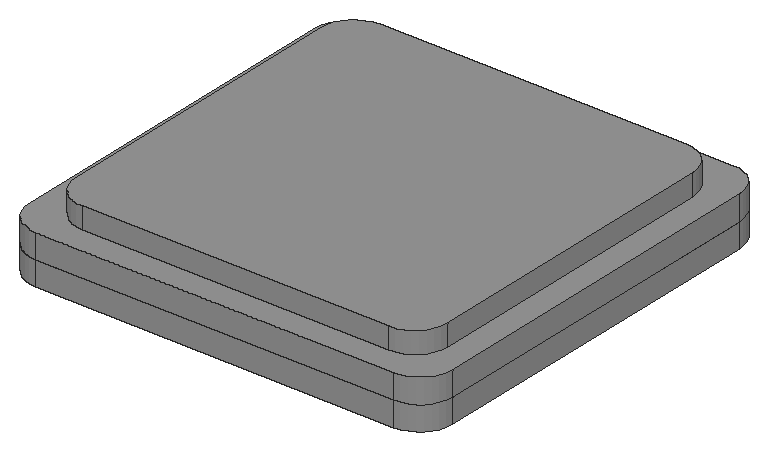
Revit family "FMS2_63_UN_Surface-mounted_ETK", category Lighting Fixtures, Revit 2019 (continued)
Definition of nested family "FMS.2 - Lightsource"
  Types (14, lengths in mm): name | Wattage Comments | Wattage | built-in parameter 1150134 | Photometric Web File | built-in parameter 1150142 | built-in parameter 1150105 | Lumens | built-in parameter 1150107 | built-in parameter 1150106 | Apparent Load
      0.4674\t775.0296\t769.878\t764.4402\t759.0024\t753.5646\t748.1268\t742.689\t737.2512\r\n732.0996\t725.8032\t719.2206\t712.638\t706.0554\t699.759\t693.1764\t686.5938\t680.0112\t673.7148\r\n667.1322\t660.5496\t654.2532\t647.6706\t641.088\t634.7916\t628.209\t621.6264\t615.33\t608.7474\r\n602.1648\t595.296\t587.8548\t580.4136\t573.2586\t565.8174\t558.6624\t551.2212\t544.0662\t536.625\r\n529.47\t522.0288\t514.8738\t507.4326\t500.2776\t492.8364\t485.6814\t478.2402\t471.0852\t463.644\r\n456.489\t448.7616\t441.0342\t433.3068\t425.5794\t417.852\t410.1246\t402.111\t394.3836\t386.6562\r\n378.9288\t371.2014\t363.474\t355.7466\t348.0192\t340.2918\t332.5644\t324.837\t317.1096\t309.3822\r\n301.6548\t294.2136\t286.7724\t279.1595\t271.7183\t264.2485\t256.7786\t249.3374\t241.8676\t234.4264\r\n226.9566\t219.4868\t212.0456\t204.5758\t197.1346\t189.6647\t182.2235\t174.7537\t167.3125\t159.8427\r\n152.4015\t137.7481\t122.4936\t107.2678\t92.0133\t76.7875\t61.533\t46.3072\t31.0527\t15.8183\r\n0.577\t0\t0\t0\t0\t0\t0\t0\t0\t0\r\n0\r\n985.6728\t985.1004\t984.2418\t983.3832\t982.5246\t981.9522\t981.0936\t980.5212\t979.6626\t979.0902\r\n978.2316\t977.6592\t976.8006\t975.942\t975.0834\t974.511\t973.6524\t972.7938\t971.9352\t971.0766\r\n970.218\t968.2146\t965.6388\t963.3492\t960.7734\t958.4838\t955.908\t953.6184\t951.0426\t948.4668\r\n946.1772\t943.6014\t941.0256\t938.4498\t936.1602\t933.5844\t931.0086\t928.4328\t925.857\t923.2812\r\n920.7054\t917.5572\t913.2642\t909.2574\t905.2506\t900.9576\t896.9508\t892.944\t888.9372\t884.6442\r\n880.6374\t876.6306\t872.3376\t868.3308\t864.324\t860.031\t856.0242\t852.0174\t848.0106\t843.7176\r\n839.7108\t835.4178\t829.6938\t824.256\t818.532\t813.0942\t807.6564\t802.2186\t796.4946\t791.0568\r\n785.619\t780.1812\t774.7434\t769.3056\t763.8678\t758.43\t752.9922\t747.5544\t742.1166\t736.6788\r\n731.241\t725.517\t718.9344\t712.3518\t705.7692\t699.4728\t692.8902\t686.3076\t679.725\t673.1424\r\n666.5598\t659.9772\t653.6808\t647.0982\t640.5156\t633.933\t627.3504\t621.054\t614.4714\t607.8888\r\n601.3062\t594.7236\t587.2824\t580.1274\t572.6862\t565.5312\t558.09\t550.935\t543.4938\t536.3388\r\n528.8976\t521.7426\t514.3014\t507.1464\t499.7052\t492.5502\t485.109\t477.954\t470.5128\t463.3578\r\n455.9166\t448.4754\t440.748\t433.0206\t425.2932\t417.5658\t409.5522\t401.8248\t394.0974\t386.37\r\n378.6426\t370.9152\t363.1878\t355.4604\t347.733\t340.0056\t331.992\t324.2646\t316.5372\t308.8098\r\n301.0824\t293.6412\t286.0569\t278.6157\t271.1745\t263.7333\t256.3207\t248.8795\t241.4383\t233.9971\r\n226.5845\t219.1433\t211.7021\t204.2896\t196.8484\t189.4358\t181.9946\t174.582\t167.1694\t159.7282\r\n152.3156\t139.408\t124.1822\t108.9563\t93.7019\t78.476\t63.2502\t47.9957\t32.7699\t17.5383\r\n2.3031\t0\t0\t0\t0\t0\t0\t0\t0\t0\r\n0\r\n985.6728\t984.8142\t984.2418\t983.3832\t982.5246\t981.9522\t981.0936\t980.5212\t979.6626\t978.804\r\n977.9454\t977.0868\t976.5144\t975.6558\t974.7972\t973.6524\t973.08\t972.2214\t971.3628\t970.7904\r\n969.9318\t968.787\t966.2112\t963.9216\t961.3458\t958.77\t956.1942\t953.6184\t951.3288\t948.753\r\n946.1772\t943.6014\t941.0256\t938.4498\t935.874\t933.2982\t930.7224\t928.1466\t925.5708\t922.995\r\n920.4192\t917.5572\t913.8366\t909.5436\t905.2506\t900.9576\t896.9508\t892.6578\t888.3648\t884.358\r\n880.065\t876.0582\t871.7652\t867.7584\t863.7516\t859.4586\t855.4518\t851.1588\t846.8658\t842.5728\r\n838.2798\t833.9868\t829.4076\t823.9698\t818.532\t812.808\t807.3702\t801.6462\t796.2084\t790.4844\r\n785.0466\t779.6088\t773.8848\t768.447\t762.723\t757.2852\t751.8474\t746.4096\t740.6856\t735.2478\r\n729.81\t724.3722\t718.9344\t712.3518\t705.7692\t699.1866\t692.604\t686.0214\t679.4388\t672.8562\r\n666.2736\t659.691\t653.1084\t646.812\t640.2294\t633.6468\t627.0642\t620.4816\t613.899\t607.3164\r\n600.7338\t593.865\t587.2824\t579.8412\t572.6862\t565.245\t557.8038\t550.3626\t543.2076\t535.7664\r\n528.3252\t521.1702\t513.729\t506.2878\t499.1328\t491.6916\t484.5366\t477.0954\t469.6542\t462.4992\r\n455.058\t447.903\t440.4618\t432.4482\t424.7208\t416.9934\t408.9798\t401.2524\t393.525\t385.7976\r\n377.784\t370.0566\t362.3292\t354.6018\t346.8744\t339.147\t331.4196\t323.6922\t315.9648\t308.2374\r\n300.51\t292.7826\t285.1983\t277.7571\t270.3445\t262.9319\t255.4907\t248.0782\t240.6656\t233.253\r\n225.8404\t218.4565\t211.0439\t203.6313\t196.2473\t188.8348\t181.4508\t174.0668\t166.6543\t159.2703\r\n151.8863\t141.898\t126.7007\t111.5035\t96.3349\t81.1377\t65.9405\t50.7433\t35.546\t20.346\r\n5.1516\t0\t0\t0\t0\t0\t0\t0\t0\t0\r\n0\r\n985.6728\t984.8142\t984.2418\t983.3832\t982.5246\t981.9522\t981.0936\t980.235\t979.3764\t978.5178\r\n977.9454\t976.8006\t975.942\t975.3696\t974.511\t973.9386\t973.08\t972.5076\t971.649\t970.7904\r\n969.9318\t969.0732\t966.7836\t964.2078\t961.632\t959.0562\t956.4804\t953.9046\t951.3288\t948.753\r\n946.1772\t943.6014\t940.7394\t937.8774\t935.3016\t932.4396\t929.8638\t927.0018\t924.426\t921.8502\r\n919.2744\t916.6986\t913.8366\t910.116\t905.823\t901.53\t897.237\t892.944\t888.651\t884.6442\r\n880.3512\t876.0582\t871.7652\t867.4722\t863.1792\t858.8862\t854.5932\t850.3002\t846.0072\t841.7142\r\n837.4212\t833.4144\t828.8352\t824.5422\t818.8182\t813.0942\t807.3702\t801.6462\t796.2084\t790.4844\r\n785.0466\t779.6088\t774.171\t768.447\t763.0092\t757.2852\t751.5612\t746.1234\t740.3994\t734.6754\r\n728.9514\t723.2274\t717.7896\t712.0656\t705.7692\t699.1866\t692.3178\t685.7352\t678.8664\t672.2838\r\n665.7012\t658.8324\t652.2498\t645.6672\t638.7984\t632.2158\t625.6332\t619.0506\t612.1818\t605.5992\r\n599.0166\t592.434\t585.8514\t578.9826\t572.1138\t564.6726\t557.2314\t549.7902\t542.349\t534.9078\r\n527.7528\t520.3116\t512.8704\t505.7154\t498.2742\t490.833\t483.678\t476.2368\t468.7956\t461.3544\r\n454.1994\t446.7582\t439.317\t431.8758\t424.1484\t416.421\t408.4074\t400.68\t392.9526\t384.939\r\n377.2116\t369.4842\t361.7568\t353.7432\t346.0158\t338.2884\t330.561\t322.5474\t314.82\t307.0926\r\n299.3652\t291.6378\t283.8818\t276.4406\t269.0566\t261.6727\t254.3173\t246.9334\t239.578\t232.2227\r\n224.8673\t217.512\t210.1567\t202.8013\t195.4746\t188.1193\t180.7925\t173.4658\t166.1105\t158.7838\r\n151.457\t144.1303\t130.4213\t115.2527\t100.0841\t84.9155\t69.7469\t54.5783\t39.4384\t24.264\r\n9.1012\t0\t0\t0\t0\t0\t0\t0\t0\t0\r\n0\r\n985.6728\t984.8142\t984.2418\t983.3832\t982.5246\t981.9522\t981.0936\t980.235\t979.3764\t978.5178\r\n977.6592\t977.0868\t976.2282\t975.3696\t974.7972\t973.9386\t973.08\t972.2214\t971.3628\t970.218\r\n969.3594\t968.5008\t967.356\t964.7802\t962.2044\t959.6286\t956.7666\t953.9046\t951.3288\t948.4668\r\n945.891\t943.3152\t940.4532\t937.8774\t935.0154\t932.4396\t929.5776\t926.7156\t923.8536\t920.9916\r\n918.4158\t915.5538\t912.978\t910.4022\t907.254\t902.6748\t898.0956\t893.5164\t888.9372\t884.6442\r\n880.3512\t876.0582\t871.7652\t867.186\t862.893\t858.3138\t854.0208\t849.7278\t845.1486\t840.8556\r\n836.2764\t831.6972\t827.118\t822.5388\t817.6734\t813.0942\t807.6564\t801.9324\t796.2084\t790.4844\r\n784.7604\t779.0364\t773.3124\t767.5884\t761.8644\t756.1404\t750.4164\t744.6924\t738.9684\t733.2444\r\n727.5204\t721.7964\t716.0724\t710.3484\t704.6244\t698.9004\t692.8902\t686.0214\t679.1526\t672.2838\r\n665.7012\t658.8324\t651.9636\t645.0948\t638.5122\t631.6434\t625.0608\t618.192\t611.6094\t604.7406\r\n598.158\t591.2892\t584.4204\t577.8378\t570.969\t564.1002\t556.9452\t549.504\t542.0628\t534.6216\r\n527.1804\t519.7392\t512.298\t504.8568\t497.4156\t489.9744\t482.5332\t475.092\t467.6508\t459.9234\r\n452.4822\t445.041\t437.5998\t430.1586\t423.0036\t415.2762\t407.5488\t399.8214\t391.8078\t384.0804\r\n376.353\t368.3394\t360.612\t352.8846\t344.871\t337.1436\t329.4162\t321.6888\t313.6752\t305.9478\r\n298.2204\t290.493\t282.737\t274.981\t267.4539\t260.1272\t252.8005\t245.4737\t238.1756\t230.8775\r\n223.6081\t216.31\t209.0405\t201.771\t194.5015\t187.232\t179.9626\t172.7217\t165.4522\t158.2114\r\n150.9419\t143.701\t135.2009\t120.0609\t104.9209\t89.7809\t74.641\t59.5296\t44.3896\t29.2496\r\n14.1154\t0\t0\t0\t0\t0\t0\t0\t0\t0\r\n0\r\n985.6728\t984.8142\t984.2418\t983.3832\t982.5246\t981.9522\t981.0936\t980.235\t979.3764\t978.5178\r\n977.9454\t977.0868\t976.5144\t975.3696\t974.511\t973.6524\t972.7938\t971.9352\t970.7904\t969.9318\r\n968.787\t967.6422\t966.4974\t965.0664\t962.4906\t959.9148\t957.0528\t954.477\t951.615\t949.0392\r\n946.1772\t943.3152\t940.4532\t937.5912\t934.7292\t931.8672\t929.0052\t926.1432\t922.995\t920.133\r\n916.9848\t913.8366\t910.9746\t908.3988\t905.5368\t902.6748\t898.9542\t894.375\t889.7958\t885.2166\r\n880.6374\t876.0582\t871.479\t866.8998\t862.3206\t857.4552\t852.876\t848.2968\t844.0038\t839.4246\r\n834.5592\t829.98\t825.4008\t820.8216\t816.2424\t811.6632\t807.084\t802.5048\t797.067\t791.0568\r\n785.0466\t779.3226\t773.3124\t767.3022\t761.292\t755.2818\t749.5578\t743.5476\t737.8236\t732.0996\r\n726.3756\t720.6516\t714.9276\t708.9174\t703.1934\t697.1832\t691.173\t685.449\t679.4388\t672.57\r\n665.7012\t658.8324\t651.9636\t644.8086\t637.9398\t631.071\t624.2022\t617.3334\t610.4646\t603.5958\r\n596.727\t589.8582\t583.2756\t576.4068\t569.538\t562.383\t555.5142\t548.6454\t541.7766\t534.3354\r\n526.608\t519.1668\t511.7256\t503.9982\t496.557\t489.1158\t481.3884\t473.9472\t466.2198\t458.7786\r\n451.3374\t443.8962\t436.455\t429.0138\t421.5726\t414.1314\t406.6902\t398.9628\t391.2354\t383.2218\r\n375.4944\t367.4808\t359.7534\t352.026\t344.0124\t336.285\t328.5576\t320.544\t312.8166\t305.0892\r\n297.3618\t289.6344\t281.7639\t274.0079\t266.2805\t258.5245\t251.255\t243.9569\t236.6874\t229.4465\r\n222.1771\t214.9362\t207.6953\t200.4831\t193.2422\t186.0586\t178.8464\t171.6628\t164.4791\t157.2955\r\n150.1119\t142.9569\t135.8019\t125.7563\t110.6449\t95.5622\t80.4508\t65.3681\t50.2853\t35.2026\r\n20.1227\t5.04\t0\t0\t0\t0\t0\t0\t0\t0\r\n0\r\n985.6728\t984.8142\t984.2418\t983.3832\t982.5246\t981.9522\t981.0936\t980.235\t979.3764\t978.804\r\n977.9454\t977.0868\t976.2282\t975.3696\t974.511\t973.6524\t972.5076\t971.649\t970.218\t969.0732\r\n967.9284\t966.4974\t965.3526\t964.2078\t962.7768\t960.4872\t957.6252\t954.7632\t952.1874\t949.0392\r\n946.1772\t943.029\t940.167\t937.305\t934.1568\t931.2948\t928.1466\t925.2846\t922.4226\t919.5606\r\n916.4124\t913.2642\t910.116\t906.9678\t903.5334\t900.3852\t896.9508\t893.8026\t890.3682\t885.789\r\n881.2098\t876.6306\t872.0514\t867.4722\t862.893\t858.0276\t853.4484\t848.8692\t844.0038\t839.1384\r\n834.273\t829.1214\t824.256\t819.3906\t814.5252\t809.6598\t804.7944\t799.929\t795.0636\t790.1982\r\n785.3328\t779.6088\t773.8848\t767.8746\t761.8644\t755.568\t749.5578\t743.5476\t737.5374\t731.241\r\n725.2308\t719.2206\t713.2104\t707.2002\t701.19\t695.1798\t689.1696\t683.1594\t677.1492\t671.139\r\n665.1288\t659.1186\t652.536\t645.381\t638.226\t631.3572\t624.2022\t617.0472\t610.1784\t603.0234\r\n595.8684\t588.7134\t581.8446\t574.6896\t567.8208\t560.952\t553.797\t546.9282\t539.7732\t532.9044\r\n525.7494\t518.8806\t511.1532\t503.4258\t495.6984\t488.2572\t480.5298\t472.8024\t465.3612\t457.6338\r\n450.1926\t442.4652\t434.7378\t427.2966\t419.5692\t412.128\t404.4006\t396.9594\t389.232\t381.7908\r\n374.0634\t366.336\t358.3224\t350.595\t342.5814\t334.854\t327.1266\t319.113\t311.3856\t303.6582\r\n295.9308\t287.9172\t280.3043\t272.5769\t264.8495\t257.1793\t249.5092\t241.9535\t234.7699\t227.6149\r\n220.4599\t213.3049\t206.1785\t199.0521\t191.9543\t184.828\t177.7302\t170.6324\t163.5347\t156.4655\r\n149.3964\t142.3559\t135.3154\t128.2748\t117.7141\t102.6313\t87.52\t72.4372\t57.3545\t42.2717\r\n27.1776\t12.0919\t0\t0\t0\t0\t0\t0\t0\t0\r\n0\r\n985.6728\t985.1004\t984.2418\t983.3832\t982.8108\t981.9522\t981.0936\t980.5212\t979.6626\t978.804\r\n978.2316\t977.373\t976.2282\t975.3696\t974.511\t973.3662\t972.2214\t970.7904\t969.6456\t968.2146\r\n967.0698\t965.6388\t964.494\t963.063\t961.632\t960.201\t958.1976\t955.0494\t952.1874\t949.3254\r\n946.4634\t943.3152\t940.4532\t937.5912\t934.443\t931.581\t928.4328\t925.2846\t921.8502\t918.702\r\n915.2676\t912.1194\t908.685\t905.5368\t902.1024\t898.668\t895.5198\t892.0854\t888.9372\t885.5028\r\n882.3546\t878.634\t873.4824\t868.3308\t863.1792\t858.6\t853.7346\t848.8692\t843.7176\t838.8522\r\n833.7006\t828.8352\t823.6836\t818.532\t813.6666\t808.515\t803.6496\t798.498\t793.3464\t788.1948\r\n783.0432\t777.8916\t772.74\t767.5884\t762.4368\t756.1404\t750.1302\t744.12\t738.1098\t731.8134\r\n725.2308\t718.9344\t712.638\t706.3416\t700.0452\t694.035\t687.7386\t681.4422\t675.1458\t668.8494\r\n662.553\t656.2566\t650.2464\t643.95\t637.6536\t631.3572\t624.2022\t617.0472\t609.8922\t602.7372\r\n595.5822\t588.7134\t581.5584\t574.1172\t566.9622\t559.521\t552.0798\t544.9248\t537.7698\t530.901\r\n523.746\t516.591\t509.436\t502.281\t495.4122\t487.971\t480.2436\t472.5162\t464.5026\t456.7752\r\n449.0478\t441.3204\t433.593\t425.8656\t418.1382\t410.4108\t402.6834\t395.2422\t387.5148\t379.7874\r\n372.3462\t364.6188\t357.1776\t349.4502\t341.4366\t333.7092\t325.6956\t317.9682\t310.2408\t302.2272\r\n294.4998\t286.7724\t279.0164\t271.289\t263.5616\t255.8342\t248.164\t240.4939\t232.8809\t225.3825\r\n218.3134\t211.2442\t204.2037\t197.1918\t190.1513\t183.168\t176.1561\t169.1728\t162.1895\t155.2349\r\n148.2802\t141.3256\t134.3995\t127.5021\t120.5761\t110.5304\t95.4477\t80.365\t65.2822\t50.1995\r\n35.1454\t20.0655\t4.9971\t0\t0\t0\t0\t0\t0\t0\r\n0\r\n985.6728\t985.1004\t984.2418\t983.3832\t982.8108\t981.9522\t981.3798\t980.5212\t979.9488\t979.0902\r\n978.2316\t977.373\t976.5144\t975.3696\t974.511\t973.08\t971.649\t970.218\t969.0732\t967.6422\r\n966.4974\t965.0664\t963.3492\t961.9182\t960.201\t958.1976\t956.4804\t954.7632\t953.3322\t950.184\r\n947.322\t944.1738\t941.3118\t938.1636\t935.0154\t931.581\t928.4328\t924.9984\t921.8502\t918.4158\r\n915.2676\t911.547\t908.1126\t904.6782\t901.53\t898.0956\t894.6612\t890.6544\t886.9338\t883.2132\r\n879.4926\t876.0582\t872.3376\t868.3308\t864.324\t859.7448\t854.5932\t849.4416\t844.29\t839.4246\r\n834.5592\t829.4076\t823.9698\t818.532\t813.3804\t807.9426\t802.791\t797.6394\t792.2016\t787.05\r\n781.6122\t776.1744\t770.7366\t765.2988\t759.861\t754.4232\t748.9854\t743.5476\t738.396\t732.3858\r\n726.0894\t719.5068\t713.2104\t706.914\t700.3314\t693.4626\t686.88\t680.2974\t674.001\t667.7046\r\n661.4082\t654.5394\t647.9568\t641.3742\t634.7916\t628.4952\t622.1988\t615.9024\t609.3198\t602.7372\r\n596.1546\t588.7134\t581.2722\t573.831\t566.3898\t558.9486\t551.7936\t544.3524\t537.1974\t529.7562\r\n522.315\t514.8738\t507.4326\t499.9914\t492.8364\t485.3952\t478.2402\t471.0852\t463.644\t456.2028\r\n448.1892\t440.1756\t432.4482\t424.7208\t416.9934\t409.266\t401.5386\t393.525\t385.7976\t378.0702\r\n370.3428\t362.6154\t354.888\t347.1606\t339.7194\t331.992\t324.2646\t316.5372\t308.8098\t300.7962\r\n293.0688\t285.3128\t277.5854\t269.8294\t262.1306\t254.4318\t246.7616\t239.1487\t231.5358\t223.9515\r\n216.3672\t208.8115\t201.771\t194.8163\t187.8903\t180.9643\t174.0668\t167.198\t160.3292\t153.4891\r\n146.6489\t139.8373\t133.0544\t126.2714\t119.4885\t112.7342\t104.1768\t89.1227\t74.0399\t58.9858\r\n43.9317\t28.8776\t13.8378\t0\t0\t0\t0\t0\t0\t0\r\n0\r\n985.6728\t985.1004\t984.2418\t983.6694\t982.8108\t982.2384\t981.3798\t980.8074\t980.235\t979.3764\r\n978.5178\t977.373\t976.5144\t975.6558\t974.2248\t972.7938\t971.3628\t969.9318\t968.787\t967.356\r\n965.6388\t964.2078\t962.4906\t960.4872\t958.77\t957.0528\t955.3356\t953.6184\t951.615\t949.8978\r\n947.6082\t945.3186\t942.1704\t939.0222\t935.5878\t932.4396\t929.0052\t925.857\t922.1364\t918.702\r\n915.2676\t911.8332\t908.3988\t904.6782\t900.9576\t896.9508\t893.2302\t889.5096\t885.789\t881.7822\r\n877.7754\t873.4824\t869.4756\t865.4688\t861.7482\t858.0276\t854.0208\t849.7278\t845.1486\t840.8556\r\n835.704\t830.5524\t825.1146\t819.3906\t813.9528\t808.515\t803.0772\t797.6394\t791.9154\t786.4776\r\n780.7536\t775.3158\t769.878\t764.4402\t758.7162\t753.2784\t747.5544\t741.5442\t735.534\t729.81\r\n724.086\t718.362\t712.638\t706.6278\t700.6176\t694.035\t687.4524\t680.8698\t674.001\t667.1322\r\n660.5496\t653.6808\t646.812\t639.9432\t633.3606\t626.778\t620.1954\t613.6128\t606.744\t599.8752\r\n593.0064\t586.4238\t579.8412\t572.9724\t566.3898\t559.521\t551.7936\t544.0662\t536.625\t529.1838\r\n521.4564\t514.0152\t506.574\t498.8466\t491.4054\t483.678\t476.2368\t468.5094\t461.0682\t453.627\r\n446.1858\t438.7446\t431.3034\t423.8622\t416.1348\t408.1212\t400.3938\t392.3802\t384.6528\t376.9254\r\n368.9118\t361.1844\t353.1708\t345.4434\t337.716\t329.9886\t322.2612\t314.82\t307.0926\t299.6514\r\n291.924\t283.939\t276.1258\t268.3411\t260.5851\t252.8863\t245.2448\t237.6319\t230.0762\t222.5491\r\n215.0507\t207.5809\t200.1683\t192.6985\t185.429\t178.5888\t171.7772\t164.9943\t158.2686\t151.5429\r\n144.8458\t138.206\t131.5661\t124.9263\t118.3437\t111.7611\t105.1785\t98.6531\t84.0856\t68.9742\r\n53.8342\t38.7229\t23.6115\t8.5001\t0\t0\t0\t0\t0\t0\r\n0\r\n985.6728\t985.1004\t984.2418\t983.6694\t983.097\t982.2384\t981.666\t981.0936\t980.235\t979.3764\r\n978.5178\t977.6592\t976.8006\t975.3696\t973.9386\t972.5076\t971.0766\t969.9318\t968.5008\t966.7836\r\n965.3526\t963.3492\t961.632\t959.9148\t958.1976\t956.1942\t954.477\t952.4736\t950.4702\t948.1806\r\n946.1772\t943.8876\t941.598\t939.3084\t937.0188\t933.8706\t930.15\t926.7156\t923.2812\t919.8468\r\n916.1262\t912.4056\t908.685\t904.6782\t900.9576\t896.9508\t892.944\t888.651\t884.6442\t880.6374\r\n876.6306\t872.91\t868.9032\t864.324\t860.031\t855.738\t851.445\t847.152\t842.5728\t837.7074\r\n833.1282\t828.8352\t824.5422\t819.963\t815.3838\t810.5184\t804.7944\t799.3566\t793.6326\t787.9086\r\n782.1846\t776.1744\t770.1642\t764.154\t758.1438\t752.1336\t746.1234\t740.3994\t734.3892\t728.379\r\n722.3688\t716.3586\t710.3484\t704.052\t698.0418\t691.7454\t685.449\t679.4388\t673.4286\t667.4184\r\n661.122\t654.2532\t647.3844\t640.5156\t633.6468\t626.4918\t619.3368\t612.1818\t605.0268\t597.8718\r\n591.003\t583.848\t577.2654\t570.3966\t563.2416\t556.3728\t549.2178\t542.349\t535.194\t528.3252\r\n521.4564\t514.3014\t506.8602\t498.8466\t491.1192\t483.1056\t475.3782\t467.6508\t459.9234\t452.196\r\n444.4686\t436.7412\t429.3\t421.5726\t414.1314\t406.404\t398.9628\t391.2354\t383.7942\t376.0668\r\n368.0532\t360.0396\t352.026\t344.0124\t335.9988\t328.2714\t3
